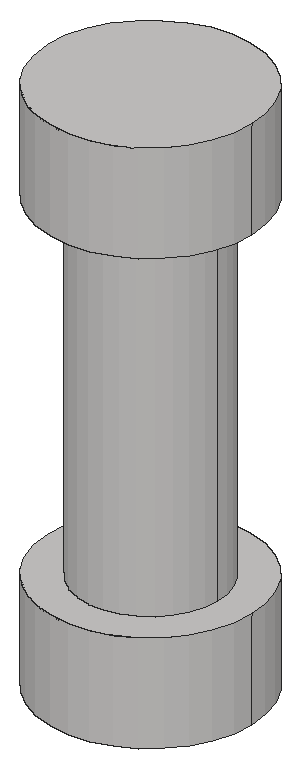
Revit family "KLS - screw wood_metal", category Generic Models, host Face, Revit 2014
Parameters
  radius inside = 20 mm
  radius outside = radius inside + 10 mm  # 30 mm
  material = KLS - Stainless Steel, Brushed
  height outside = 29.137 mm
  height inside = 100 mm
  Default Elevation = 1219.2 mm
Reference planes
  plane 1 "Center (Front/Back)": y = 0
  plane 2: z = 0
  plane 3 "Center (Left/Right)": x = 0
  plane 4: z = -100
  plane 5: z = 29.137
  plane 6: z = -129.137
Forms (mm)
  Extrusion 1, solid, material "KLS - Stainless Steel, Brushed" <- "material"
    sketch origin (0, 0, 0) x (1, 0, 0) y (0, 1, 0)
      loop
        circle (0, 0) r 20
    from 0 to -100
  Extrusion 2, solid, material "KLS - Stainless Steel, Brushed" <- "material"
    sketch origin (0, 0, 0) x (1, 0, 0) y (0, 1, 0)
      loop
        circle (0, 0) r 30
    from 0 to 29.137
  Extrusion 3, solid, material "KLS - Stainless Steel, Brushed" <- "material"
    sketch origin (0, 0, -165) x (1, 0, 0) y (0, 1, 0)
      loop
        circle (0, 0) r 30
    from 35.863 to 65
Cuts and joins
  joined: Extrusion 1, Extrusion 2, Extrusion 3
Dimensions and locks
  "height inside": level to plane 4
  "height outside": plane 5 to level
  "height outside": plane 4 to plane 6
  "radius inside": radius of Extrusion 1 sketch curve
  "radius outside": radius of Extrusion 2 sketch curve
  "radius outside": radius of Extrusion 3 sketch curve
  aligned and locked: plane 2 to host face
  aligned and locked: level to host face
  aligned and locked: Extrusion 1 to plane 4
  aligned and locked: plane 5 to Extrusion 2
  aligned and locked: plane 4 to Extrusion 3
  aligned and locked: Extrusion 3 to plane 6
Automatic sketch dimensions
  host sketch curve to host sketch curve = 2438.4 mm  (x2)
  plane 1 "Center (Front/Back)" to Extrusion 1 sketch curve = 0 mm
  Extrusion 1 sketch curve to plane 3 "Center (Left/Right)" = 0 mm
  plane 1 "Center (Front/Back)" to Extrusion 2 sketch curve = 0 mm
  Extrusion 2 sketch curve to plane 3 "Center (Left/Right)" = 0 mm
  plane 1 "Center (Front/Back)" to Extrusion 3 sketch curve = 0 mm
  Extrusion 3 sketch curve to plane 3 "Center (Left/Right)" = 0 mm
